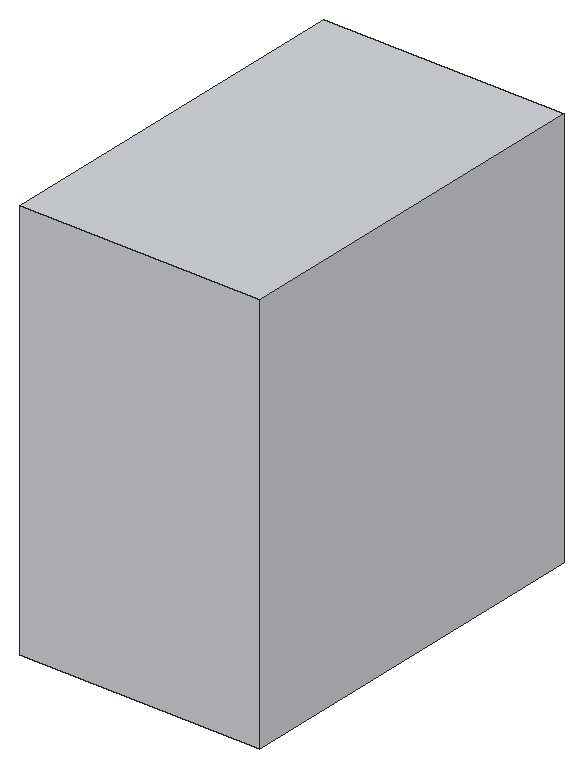
Revit family
Parameters
  Warranty Duration (Years) = 0
  Unit Width [instance] = 1' - 5 1/4"
  Unit Height [instance] = 4' - 8"
  Unit Depth = 0' - 10"
  URL = "http://www.americanspecialties.com/viewCategories.cfm"
  Trim Material = Metal - Stainless Steel
  Test Data = ""
  Specification = "http://www.arcat.com/sdspecs/htm/10810asi.htm"
  SpecWizard = ""
  Send Message = "http://www.arcat.com/users.pl?action=UserEmail&company=American%20Specialties,%20Inc.&coid=30448&rep=139&fax=914-476-0688&mf="
  Sales Information = "http://www.americanspecialties.com/contact"
  Revision = "R1_10-2010"
  Product Properties = "http://www.americanspecialties.com/datasheets/046924-92.pdf"
  Product Data = "http://www.arcat.com/arcatcos/cos30/arc30448.html"
  Model = "As Specified in 10 28 13"
  Manufacturer Website = "http://www.americanspecialties.com/viewCategories.cfm"
  Manufacturer Phone - Toll Free = ""
  Manufacturer Phone = "914-476-9000 "
  Manufacturer Fax = "914-476-0688"
  Manufacturer Address = "441 Saw Mill River Rd., Yonkers, NY 10701"
  Manufacturer = "American Specialties, Inc."
  Maintenance Schedule (Months) = 0
  Keynote = "10 28 13"
  Installation-Fabrication = "http://www.americanspecialties.com/products.cfm"
  Green Building-LEED = ""
  Expected Lifespan (Years) = 0
  Drawn By = "Robert S. Weygant. CSI, CDT, SCIP"  # constant formula
  Description = "Toilet Accessory as Specified in 10 28 13"
  Default Elevation = 4' - 0"
  Copyright = "©Arcat Inc."
  Construction Details = "http://www.arcat.com/green/clients/leed_data_30448.html"
  Building Codes = "http://www.americanspecialties.com/products.cfm"
  Body Material = Metal - Stainless Steel
  Assembly Code = "C1030210"
Reference planes (in)
  plane 1 "Floor Line": z = 0
  plane 2: y = -17.66773
  plane 3: y = -0.16773
Forms (in)
  Extrusion 1, solid
    sketch origin (-3.98487, -14.65374, -6) x (0, 0, -1) y (1, 0, 0)
      loop
        line (-82, 26) -> (-82, -19.34712) -> (-6, -19.34712) -> (-6, 26) -> (-82, 26)
    from 27.51399 to -44.33964
  Extrusion 2, solid, material "Metal - Stainless Steel" <- "Body Material"
    sketch origin (-27.38043, -15.66773, 17.88116) x (1, 0, 0) y (0, 0, 1)
      loop
        line (19.097, -11.63116) -> (19.097, -17.75616) -> (34.347, -17.75616) -> (34.347, -11.63116) -> (19.097, -11.63116)
      loop
        line (19.222, -11.75616) -> (19.222, -17.63116) -> (34.222, -17.63116) -> (34.222, -11.75616) -> (19.222, -11.75616)
    from 0 to 17.5
  Extrusion 3, solid, material "Metal - Stainless Steel" <- "Body Material"
    sketch origin (0, -33.04273, 10) x (1, 0, 0) y (0, 0, 1)
      loop
        line (-8.15843, -3.875) -> (-8.15843, -9.75) -> (6.84157, -9.75) -> (6.84157, -3.875) -> (-8.15843, -3.875)
    from 0 to 0.125
  Extrusion 4, solid, material "Metal - Stainless Steel" <- "Body Material"
    sketch origin (-0.65843, 0, 10) x (0, 1, 0) y (0, 0, 1)
      loop
        line (20.83227, -9.875) -> (20.83227, -9.75) -> (-15.66773, -9.75) -> (-15.66773, -9.875) -> (20.83227, -9.875)
    from -7.625 to 7.625
  Extrusion 5, solid, material "Metal - Stainless Steel" <- "Body Material"
    sketch origin (13.01015, -10.96548, 0.25) x (1, 0, 0) y (0, 1, 0)
      loop
        circle (-13.66858, -3.82753) r 0.5
    from 0 to 0.0625
  Extrusion 6, solid, material "Metal - Stainless Steel" <- "Body Material"
    sketch origin (0, 0, 4) x (1, 0, 0) y (0, 1, 0)
      loop
        line (-9.28343, 21.83227) -> (-9.28343, -34.16773) -> (7.96657, -34.16773) -> (7.96657, 21.83227) -> (-9.28343, 21.83227)
      loop
        line (-8.28343, -33.16773) -> (6.96657, -33.16773) -> (6.96657, 20.83227) -> (-8.28343, 20.83227) -> (-8.28343, -33.16773)
    from 0 to 0.25
  Extrusion 7, solid, material "Metal - Stainless Steel" <- "Body Material"
    sketch origin (0, 0, 0) x (1, 0, 0) y (0, 1, 0)
      loop
        line (-8.40843, 20.95727) -> (-8.40843, -33.29273) -> (7.09157, -33.29273) -> (7.09157, 20.95727) -> (-8.40843, 20.95727)
    from 0 to 0.125
  Extrusion 8, solid, material "Metal - Stainless Steel" <- "Body Material"
    sketch origin (0, 0, 0) x (1, 0, 0) y (0, 1, 0)
      loop
        line (-9.28343, 21.83227) -> (-9.28343, -34.16773) -> (7.96657, -34.16773) -> (7.96657, 21.83227) -> (-9.28343, 21.83227)
      loop
        line (6.96657, -33.16773) -> (6.96657, 20.83227) -> (-8.28343, 20.83227) -> (-8.28343, -33.16773) -> (6.96657, -33.16773)
    from 0 to 4
  Extrusion 9, solid, material "Metal - Stainless Steel" <- "Body Material"
    sketch origin (-4.97093, 15.5, 10) x (0, 1, 0) y (0, 0, 1)
      loop
        line (4.08227, -9.875) -> (4.08227, -9.47139) -> (3.85205, -9.47139) -> (2.35193, 0) -> (-7.66773, 0) -> (-9.23177, -9.875) -> (4.08227, -9.875)
    from 0 to 8.625
  Extrusion 10, void
    sketch origin (0, 9.33227, 10) x (1, 0, 0) y (0, 0, 1)
      loop
        line (-4.78343, -0.9572) -> (-4.78343, -7.85216) -> (3.46797, -7.85216) -> (3.46797, -0.9572) -> (-4.78343, -0.9572)
    from 0 to 4.29732
  Extrusion 11, solid
    sketch origin (0, 0, 0) x (1, 0, 0) y (0, 1, 0)
      loop
        line (-8.28343, 20.83227) -> (-8.28343, 7.83227) -> (-8.15843, 7.83227) -> (-8.15843, 20.70727) -> (6.84157, 20.70727) -> (6.84157, 7.83227) -> (6.96657, 7.83227) -> (6.96657, 20.83227) -> (-8.28343, 20.83227)
    from 0 to 10
  Extrusion 12, solid, material "Metal - Stainless Steel" <- "Trim Material"
    sketch origin (0, 1.11058, 9.75134) x (1, 0, 0) y (0, 1, 0)
      loop
        line (2.98508, 14.70888) -> (2.98508, 9.70888) -> (3.98508, 9.70888) -> (3.98508, 14.70888) -> (2.98508, 14.70888)
      loop
        line (3.04758, 9.77138) -> (3.92258, 9.77138) -> (3.92258, 14.64638) -> (3.04758, 14.64638) -> (3.04758, 9.77138)
    from 0.5 to 0.5625
  Extrusion 13, solid, material "Metal - Stainless Steel" <- "Trim Material"
    sketch origin (-0.23664, 1.09231, 9.63158) x (0, 1, 0) y (0, 0, 1)
      loop
        line (14.48996, 0.86976) -> (14.23996, 1.36976) -> (13.98996, 1.36976) -> (13.98996, 0.86976) -> (14.48996, 0.86976)
    from 3.44343 to 4
  Extrusion 14, solid, material "Metal - Stainless Steel" <- "Trim Material"
    sketch origin (-0.65843, 1.0108, 9.63158) x (0, 1, 0) y (0, 0, 1)
      loop
        line (14.49406, 0.86976) -> (14.1489, 0.86976) -> (14.1489, 0.36842) -> (14.49406, 0.36842) -> (14.49406, 0.86976)
    from 3.94825 to 4.33876
  Extrusion 15, solid, material "Metal - Stainless Steel" <- "Trim Material"
    sketch origin (0, -5.87661, 9.3125) x (1, 0, 0) y (0, 1, 0)
      loop
        circle (5.37282, 20.33388) r 0.5
      loop
        line (5.316, 19.91524) -> (5.42963, 19.91524) -> (5.42963, 20.76475) -> (5.316, 20.76475) -> (5.316, 19.91524)
    from 0.9375 to 1
  Extrusion 16, solid, material "Metal - Stainless Steel" <- "Body Material"
    sketch origin (0, -5.87661, 10) x (1, 0, 0) y (0, 1, 0)
      loop
        line (-8.28343, 26.70888) -> (-8.28343, 13.70888) -> (6.96657, 13.70888) -> (6.96657, 26.70888) -> (-8.28343, 26.70888)
    from 0 to 0.25
  Extrusion 17, void
    sketch origin (-0.65843, -5.87661, 10) x (0, 1, 0) y (0, 0, 1)
      loop
        line (21.38146, 0) -> (21.38146, 0.25) -> (16.91194, 0.25) -> (16.91194, 0) -> (21.38146, 0)
    from 4.33876 to 3.94825
Cuts and joins
  joined: Extrusion 2, Extrusion 3
  Extrusion 10 cuts Extrusion 6
  Extrusion 10 cuts Extrusion 8
  Extrusion 10 cuts Extrusion 9
  Extrusion 17 cuts Extrusion 12
  Extrusion 17 cuts Extrusion 14
  Extrusion 17 cuts Extrusion 16
Dimensions and locks (in)
  locked: Extrusion 6 sketch curve to Extrusion 6 sketch curve at 1  (x3)
